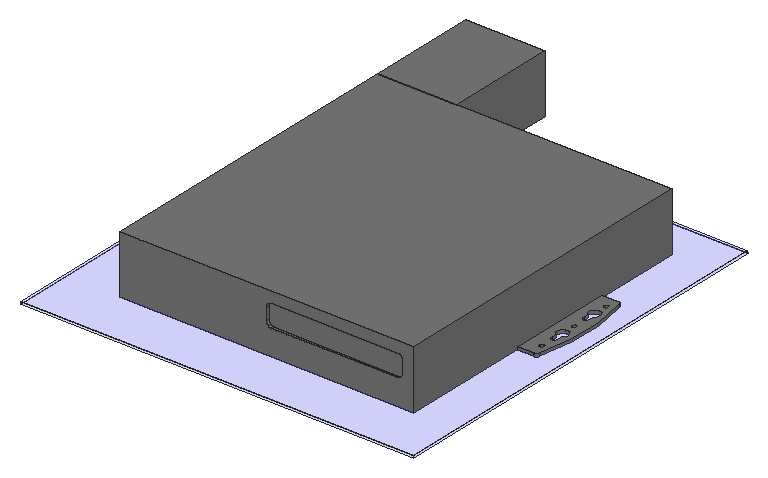
Revit family "QSC SPA2-60 Amplifier Surface Mount", category Generic Models, host Face, Revit 2014
Parameters (values of type "SPA2-60 @ 230VAC")
  Width = 8.663"  # constant formula
  Weight Product (lb) = 3.5  # constant formula
  Weight Product (kg) = 1.1  # constant formula
  Weight Dimensional (lb) = 6  # constant formula
  Weight Dimensional (kg) = 2.3  # constant formula
  Voltage AC = "100-240 at 50-60 Hz"  # constant formula
  URL = "http://qsc.com/products/Power_Amplifiers/Spa_Series/SPA2-60/"
  Sustainability Rating = "Energy Star"  # constant formula
  Show Surface Mount [instance] = yes
  Show Plenum Kit [instance] = yes
  Regulatory Compliance = "UL, CE, RoHS/WEEE, FCC Class B"  # constant formula
  Product Page URL = "http://qsc.com/products/Power_Amplifiers/Spa_Series/SPA2-60/\r\n\r\n\r\n."
  Product Documentation Link = "http://qsc.com/files/8714/4192/0733/SPA_Series_Specsheet_English.pdf"
  Power Standby = 24  # constant formula
  Power Peak = 161
  Power Active = 138
  Model = "SPA2-60"
  Manufacturer URL = "http://www.qscaudio.com"
  Manufacturer = "QSC Audio Products, LLC"  # constant formula
  Height = 1.730"  # constant formula
  Heat Load Standby = 33  # constant formula
  Heat Load Active = 61  # constant formula
  Face Depth = 0.0788"
  Description = "2 Channel 60 Watt/Channel Amplfier"
  Depth = 9.48819"  # constant formula
  Default Elevation = 0.000"
  Current Draw = 0.7
  Enclosure Material [instance] = Dark Gray Finish
Types (4): name | Product Page URL | Power Peak | Power Active | Current Draw
  (no name) | "http://qsc.com/products/Power_Amplifiers/Spa_Series/SPA2-60/\r\n\r\n\r\n." | 161 | 138 | 0.7
  SPA2-60 @ 100VAC | "http://qsc.com/products/Power_Amplifiers/Spa_Series/SPA2-60/" | 150 | 90 | 1.5
  SPA2-60 @ 120VAC | "http://qsc.com/products/Power_Amplifiers/Spa_Series/SPA2-60/\r\n\r\n\r\n." | 180 | 84 | 1.5
  SPA2-60 @ 230VAC | "http://qsc.com/products/Power_Amplifiers/Spa_Series/SPA2-60/\r\n\r\n\r\n." | 161 | 138 | 0.7
Reference planes (in)
  plane 1 "Center (Front/Back)": y = 0
  plane 2: z = 0
  plane 3 "Center (Left/Right)": x = 0
  plane 4 "Left": x = -4.3315
  plane 5 "Right": x = 4.3315
  plane 6 "Top": y = 4.74409
  plane 7 "Bottom": y = -4.74409
  plane 8 "New Top": z = 1.73
  plane 9 "Face Plance": y = -4.66509
Forms (in)
  Extrusion 1, solid, material "Glass"
    sketch origin (0, 0, 0) x (1, 0, 0) y (0, 1, 0)
      loop
        line (-6, 6) -> (-6, -6.33038) -> (5.58047, -6.33038) -> (5.58047, 6) -> (-6, 6)
    from 0 to -0.079
  Extrusion 2, solid, material "Dark Gray Finish" <- "Enclosure Material", visible <- "Show Surface Mount"
    sketch origin (0, 0, 0) x (1, 0, 0) y (0, 1, 0)
      loop
        arc (-4.80961, 2.14181) -> (-4.88935, 2.11446) -> (-4.93552, 2.04393) r 0.12992
        arc (-4.93552, 2.04393) -> (-5.11701, 0.59457) -> (-4.93552, -0.85479) r 5.87795
        arc (-4.93552, -0.85479) -> (-4.88935, -0.92532) -> (-4.80961, -0.95267) r 0.12992
        line (-4.80961, -0.95267) -> (-3.88496, -0.95267)
        arc (-3.88496, -0.95267) -> (-3.80522, -0.92532) -> (-3.75905, -0.85479) r 0.12992
        arc (-3.75905, -0.85479) -> (-3.57756, 0.59457) -> (-3.75905, 2.04393) r 5.87795
        arc (-3.75905, 2.04393) -> (-3.80522, 2.11446) -> (-3.88496, 2.14181) r 0.12992
        line (-3.88496, 2.14181) -> (-4.80961, 2.14181)
      loop
        arc (-4.68587, 1.20811) -> (-4.77052, 1.51977) -> (-4.85516, 1.20811) r 0.16732
        line (-4.85516, 1.20811) -> (-4.85516, 1.04733)
        arc (-4.85516, 1.04733) -> (-4.77052, 0.96268) -> (-4.68587, 1.04733) r 0.08465
        line (-4.68587, 1.04733) -> (-4.68587, 1.20811)
      loop
        arc (-3.83941, 1.20811) -> (-3.92406, 1.51977) -> (-4.0087, 1.20811) r 0.16732
        line (-4.0087, 1.20811) -> (-4.0087, 1.04733)
        arc (-4.0087, 1.04733) -> (-3.92406, 0.96268) -> (-3.83941, 1.04733) r 0.08465
        line (-3.83941, 1.04733) -> (-3.83941, 1.20811)
      loop
        arc (-3.83548, 0.03333) -> (-3.92406, 0.3426) -> (-4.01264, 0.03333) r 0.16732
        line (-4.01264, 0.03333) -> (-4.01264, -0.12984)
        arc (-4.01264, -0.12984) -> (-3.92406, -0.21842) -> (-3.83548, -0.12984) r 0.08858
        line (-3.83548, -0.12984) -> (-3.83548, 0.03333)
      loop
        arc (-4.68193, 0.03333) -> (-4.77052, 0.3426) -> (-4.8591, 0.03333) r 0.16732
        line (-4.8591, 0.03333) -> (-4.8591, -0.12984)
        arc (-4.8591, -0.12984) -> (-4.77052, -0.21842) -> (-4.68193, -0.12984) r 0.08858
        line (-4.68193, -0.12984) -> (-4.68193, 0.03333)
      loop
        circle (-4.77445, 0.59457) r 0.06496
      loop
        circle (-4.77445, -0.58653) r 0.06496
      loop
        circle (-4.77445, 1.77567) r 0.06496
      loop
        circle (-3.92012, 1.77567) r 0.06496
      loop
        circle (-3.92012, 0.59457) r 0.06496
      loop
        circle (-3.92012, -0.58653) r 0.06496
      loop
        line (4.80961, 2.14181) -> (3.88496, 2.14181)
        arc (3.88496, 2.14181) -> (3.80522, 2.11446) -> (3.75905, 2.04393) r 0.12992
        arc (3.75905, 2.04393) -> (3.57756, 0.59457) -> (3.75905, -0.85479) r 5.87795
        arc (3.75905, -0.85479) -> (3.80522, -0.92532) -> (3.88496, -0.95267) r 0.12992
        line (3.88496, -0.95267) -> (4.80961, -0.95267)
        arc (4.80961, -0.95267) -> (4.88935, -0.92532) -> (4.93552, -0.85479) r 0.12992
        arc (4.93552, -0.85479) -> (5.11701, 0.59457) -> (4.93552, 2.04393) r 5.87795
        arc (4.93552, 2.04393) -> (4.88935, 2.11446) -> (4.80961, 2.14181) r 0.12992
      loop
        line (4.68587, 1.20811) -> (4.68587, 1.04733)
        arc (4.68587, 1.04733) -> (4.77052, 0.96268) -> (4.85516, 1.04733) r 0.08465
        line (4.85516, 1.04733) -> (4.85516, 1.20811)
        arc (4.85516, 1.20811) -> (4.77052, 1.51977) -> (4.68587, 1.20811) r 0.16732
      loop
        line (3.83941, 1.20811) -> (3.83941, 1.04733)
        arc (3.83941, 1.04733) -> (3.92406, 0.96268) -> (4.0087, 1.04733) r 0.08465
        line (4.0087, 1.04733) -> (4.0087, 1.20811)
        arc (4.0087, 1.20811) -> (3.92406, 1.51977) -> (3.83941, 1.20811) r 0.16732
      loop
        line (3.83548, 0.03333) -> (3.83548, -0.12984)
        arc (3.83548, -0.12984) -> (3.92406, -0.21842) -> (4.01264, -0.12984) r 0.08858
        line (4.01264, -0.12984) -> (4.01264, 0.03333)
        arc (4.01264, 0.03333) -> (3.92406, 0.3426) -> (3.83548, 0.03333) r 0.16732
      loop
        line (4.68193, 0.03333) -> (4.68193, -0.12984)
        arc (4.68193, -0.12984) -> (4.77052, -0.21842) -> (4.8591, -0.12984) r 0.08858
        line (4.8591, -0.12984) -> (4.8591, 0.03333)
        arc (4.8591, 0.03333) -> (4.77052, 0.3426) -> (4.68193, 0.03333) r 0.16732
      loop
        circle (4.77445, 0.59457) r 0.06496
      loop
        circle (4.77445, -0.58653) r 0.06496
      loop
        circle (4.77445, 1.77567) r 0.06496
      loop
        circle (3.92012, 1.77567) r 0.06496
      loop
        circle (3.92012, 0.59457) r 0.06496
      loop
        circle (3.92012, -0.58653) r 0.06496
    from 0 to 0.079
  Extrusion 3, solid, material "Dark Gray Finish" <- "Enclosure Material", visible <- "Show Plenum Kit"
    sketch origin (0, 0, 0) x (1, 0, 0) y (0, 1, 0)
      loop
        line (-2.01448, 7.98296) -> (-4.3315, 7.98296) -> (-4.3315, 4.74429) -> (-2.01448, 4.74429) -> (-2.01448, 7.98296)
    from 0 to 1.73 <- "Height"
Dimensions and locks (in)
  equal spacing: plane 6 "Top", plane 1 "Center (Front/Back)", plane 7 "Bottom"
  "Depth": plane 6 "Top" to plane 7 "Bottom"
  equal spacing: plane 4 "Left", plane 3 "Center (Left/Right)", plane 5 "Right"
  "Width": plane 4 "Left" to plane 5 "Right"
  plane 4 "Left" to plane 5 "Right" = 8.663"
  "Height": plane 8 "New Top" to plane 2
  plane 9 "Face Plance" to plane 7 "Bottom" = 0.079"
  aligned and locked: plane 2 to Extrusion 1
  aligned and locked: level to Extrusion 1
Automatic sketch dimensions
  Extrusion 1 sketch curve to Extrusion 1 sketch curve = 11.58047"
  Extrusion 1 sketch curve to Extrusion 1 sketch curve = 12.33038"
  Extrusion 2 sketch curve to plane 1 "Center (Front/Back)" = 0.59457"  (x4)
  Extrusion 2 sketch curve to plane 4 "Left" = 5.12402"
  Extrusion 2 sketch curve to plane 1 "Center (Front/Back)" = 0.03333"  (x4)
  Extrusion 2 sketch curve to plane 4 "Left" = 0.5276"
  Extrusion 2 sketch curve to plane 4 "Left" = 0.52366"
  Extrusion 2 sketch curve to plane 4 "Left" = 0.47811"  (x2)
  Extrusion 2 sketch curve to Extrusion 2 sketch curve = 0.03516"  (x8)
  Extrusion 2 sketch curve to plane 4 "Left" = 0.44295"
  Extrusion 2 sketch curve to Extrusion 2 sketch curve = 0.08858"  (x8)
  Extrusion 2 sketch curve to Extrusion 2 sketch curve = 0.08465"  (x8)
  plane 1 "Center (Front/Back)" to Extrusion 2 sketch curve = 0.12984"  (x4)
  plane 4 "Left" to Extrusion 2 sketch curve = 0.31886"
  plane 4 "Left" to Extrusion 2 sketch curve = 0.3228"
  plane 4 "Left" to Extrusion 2 sketch curve = 0.41138"  (x3)
  Extrusion 2 sketch curve to plane 3 "Center (Left/Right)" = 0.76094"
  plane 3 "Center (Left/Right)" to Extrusion 2 sketch curve = 0.76094"
  Extrusion 2 sketch curve to plane 5 "Right" = 0.49602"
  Extrusion 2 sketch curve to plane 5 "Right" = 0.49209"
  Extrusion 2 sketch curve to plane 5 "Right" = 0.44654"  (x2)
  Extrusion 2 sketch curve to plane 5 "Right" = 0.41138"
  plane 5 "Right" to Extrusion 2 sketch curve = 0.35043"
  plane 5 "Right" to Extrusion 2 sketch curve = 0.35437"
  plane 5 "Right" to Extrusion 2 sketch curve = 0.44295"
  Extrusion 2 sketch curve to Extrusion 2 sketch curve = 0.00394"  (x2)
  Extrusion 2 sketch curve to Extrusion 2 sketch curve = 4.60035"
  plane 1 "Center (Front/Back)" to Extrusion 2 sketch curve = 0.58653"
  Extrusion 2 sketch curve to Extrusion 2 sketch curve = 0.45669"  (x3)
  Extrusion 2 sketch curve to Extrusion 2 sketch curve = 0.23622"  (x8)
  Extrusion 2 sketch curve to Extrusion 2 sketch curve = 0.12992"  (x4)
  Extrusion 2 sketch curve to Extrusion 2 sketch curve = 0.14195"  (x4)
  Extrusion 2 sketch curve to Extrusion 2 sketch curve = 0.41929"  (x4)
  Extrusion 2 sketch curve to Extrusion 2 sketch curve = 0.45276"  (x4)
  Extrusion 2 sketch curve to Extrusion 2 sketch curve = 0.16079"  (x4)
  Extrusion 2 sketch curve to Extrusion 2 sketch curve = 0.14433"  (x4)
  Extrusion 2 sketch curve to Extrusion 2 sketch curve = 0.42323"  (x4)
  Extrusion 2 sketch curve to Extrusion 2 sketch curve = 0.000"  (x4)
  Extrusion 3 sketch curve to plane 4 "Left" = 0.000"
  plane 6 "Top" to Extrusion 3 sketch curve = 0.0002"
  Extrusion 3 sketch curve to plane 3 "Center (Left/Right)" = 2.01448"
  Extrusion 3 sketch curve to Extrusion 3 sketch curve = 3.23866"
  radius of Extrusion 2 sketch curve = 0.06496"  (x12)
Nested families (in)
  nested 1: "QSC SPA2-60 Amplifier Front Facing Rackmount" at (0, -4.66509, 0.865) x (1, 0, 0) z (0, -1, 0), type "SPA2-60 @ 100VAC"
    with Show Right Ear Short no, Show Right Ear Long no, Show Left Ear Short no, Show Left Ear Long no, Enclosure Material Dark Gray Finish
Connectors (in)
  cabletrayconduit at (-3.17299, 7.98296, 0.865), diameter 24
    settings: on Extrusion 3, index 1, connector width 12.000", connector height 12.000", connector angle 45.00°, system type 32, placement type 1, profile type 0, connector reference index -1, is primary connector yes, connector utility param no, connector description "1/2\" Conduit Knockout"
  cabletrayconduit at (-3.17299, 6.36363, 1.73), diameter 24
    settings: on Extrusion 3, index 2, connector width 12.000", connector height 12.000", connector angle 0.00°, system type 32, placement type 1, profile type 0, connector reference index -1, is primary connector no, connector utility param no, connector description "1/2\" Conduit Knockout"
  electrical at (3.82591, 4.54744, 1.35471)
    settings: on nested 1, index 3, voltage 0 V, apparent load 0 VA, apparent load phase1 0 VA, apparent load phase2 0 VA, apparent load phase3 0 VA, power factor 1, load classification "Other", number of poles 1, system type 14, power factor state 1, is connector primary yes, connector utility no, sub classification motor no, connector description "Ouput 1"
  electrical at (3.1763, 4.54744, 1.35471)
    settings: on nested 1, index 4, voltage 0 V, apparent load 0 VA, apparent load phase1 0 VA, apparent load phase2 0 VA, apparent load phase3 0 VA, power factor 1, load classification "Other", number of poles 1, system type 14, power factor state 1, is connector primary no, connector utility no, sub classification motor no, connector description "Output 2"
  electrical at (2.60516, 4.54744, 1.3835)
    settings: on nested 1, index 5, voltage 0 V, apparent load 0 VA, apparent load phase1 0 VA, apparent load phase2 0 VA, apparent load phase3 0 VA, power factor 1, load classification "Other", number of poles 1, system type 14, power factor state 1, is connector primary no, connector utility no, sub classification motor no, connector description "Ch 1&2 Standby Control"
  electrical at (2.21146, 4.54744, 1.3835)
    settings: on nested 1, index 6, voltage 0 V, apparent load 0 VA, apparent load phase1 0 VA, apparent load phase2 0 VA, apparent load phase3 0 VA, power factor 1, load classification "Other", number of poles 1, system type 14, power factor state 1, is connector primary no, connector utility no, sub classification motor no, connector description "Ch 1&2 Volume Control"
  electrical at (1.68134, 4.54744, 1.3835)
    settings: on nested 1, index 7, voltage 0 V, apparent load 0 VA, apparent load phase1 0 VA, apparent load phase2 0 VA, apparent load phase3 0 VA, power factor 1, load classification "Other", number of poles 1, system type 14, power factor state 1, is connector primary no, connector utility no, sub classification motor no, connector description "Input 1"
  electrical at (1.28764, 4.54744, 1.3835)
    settings: on nested 1, index 8, voltage 0 V, apparent load 0 VA, apparent load phase1 0 VA, apparent load phase2 0 VA, apparent load phase3 0 VA, power factor 1, load classification "Other", number of poles 1, system type 14, power factor state 1, is connector primary no, connector utility no, sub classification motor no, connector description "Input 2"
  electrical at (-3.20953, 4.54744, 0.86465)
    settings: on nested 1, index 9, voltage 0 V, apparent load 0 VA, apparent load phase1 0 VA, apparent load phase2 0 VA, apparent load phase3 0 VA, power factor 1, load classification "Other", number of poles 1, system type 31, power factor state 1, is connector primary no, connector utility no, sub classification motor no, connector description ""
Definition of nested family "QSC SPA2-60 Amplifier Front Facing Rackmount"
  Parameters (values of type "SPA2-60 @ 100VAC")
    Width = 8.663"  # constant formula
    Weight Product (lb) = 4  # constant formula
    Weight Product (kg) = 1.4  # constant formula
    Weight Dimensional (lb) = 6.5  # constant formula
    Weight Dimensional (kg) = 2.5  # constant formula
    Voltage AC = "100-240 at 50-60 Hz"  # constant formula
    URL = "http://qsc.com/products/Power_Amplifiers/Spa_Series/SPA4-60/"
    Sustainability Rating = "Energy Star"  # constant formula
    Show Right Ear Short [instance] = yes
    Show Right Ear Long [instance] = no
    Show Left Ear Short [instance] = yes
    Show Left Ear Long [instance] = no
    Regulatory Compliance = "UL, CE, RoHS/WEEE, FCC Class B"  # constant formula
    Product Page URL = "http://qsc.com/products/Power_Amplifiers/Spa_Series/SPA4-60/\r\n\r\n\r\n."
    Product Documentation Link = "http://qsc.com/files/8714/4192/0733/SPA_Series_Specsheet_English.pdf"
    Power Standby = 24  # constant formula
    Power Peak = 150
    Power Active = 90
    Model = "SPA4-60"
    Manufacturer URL = "http://www.qscaudio.com"
    Manufacturer = "QSC Audio Products, LLC"  # constant formula
    Height = 1.730"  # constant formula
    Heat Load Standby = 33  # constant formula
    Heat Load Active = 61  # constant formula
    Face Depth = 0.0788"
    Description = "4 Channel 60 Watt/Channel Amplfier"
    Depth = 9.48819"  # constant formula
    Default Elevation = 0.000"
    Current Draw = 1.5
    Enclosure Material [instance] = Dark Gray Finish
  Types (4): name | Power Peak | Power Active | Current Draw
    (no name) | 150 | 90 | 1.5
    SPA2-60 @ 100VAC | 150 | 90 | 1.5
    SPA2-60 @ 120VAC | 180 | 84 | 1.5
    SPA2-60 @ 230VAC | 161 | 138 | 0.7
  Reference planes (in)
    plane 1 "Center (Front/Back)": y = 0
    plane 2: z = 0
    plane 3 "Center (Left/Right)": x = 0
    plane 4 "Left": x = -4.3315
    plane 5 "Right": x = 4.3315
    plane 6 "Top": y = 0.865
    plane 7 "Bottom": y = -0.865
    plane 8 "Back": z = -9.40939
    plane 9 "Right Extend Ear": x = 13.8135
    plane 10 "Left Extend Ear": x = -13.8135
    plane 11 "Left Short Ear": x = -5.1529
    plane 12 "Right Short Ear": x = 5.1529
    plane 13 "Front": z = 0.0788
  Forms (in)
    Extrusion 1, solid, material "Glass"
      sketch origin (0, 0, 0) x (1, 0, 0) y (0, 1, 0)
        loop
          line (-14.5, 1.9685) -> (-14.5, -1.88975) -> (14.73031, -1.88975) -> (14.73031, 1.9685) -> (-14.5, 1.9685)
      from 0 to -0.079
    Extrusion 2, solid, material "Dark Gray Finish" <- "Enclosure Material"
      sketch origin (0, -0.865, 0) x (-1, 0, 0) y (0, 0, 1)
        loop
          line (4.3315, 0.0788) -> (-4.3315, 0.0788) -> (-4.3315, -9.40939) -> (4.3315, -9.40939) -> (4.3315, 0.0788)
      from 0 to 1.73 <- "Height"
    Extrusion 3, void
      sketch origin (0, 0, -9.40939) x (-1, 0, 0) y (0, -1, 0)
        loop
          line (-4.13103, -0.64625) -> (-3.52079, -0.64625) -> (-3.52079, -0.33317) -> (-4.13103, -0.33317) -> (-4.13103, -0.64625)
        loop
          line (-2.87118, -0.33317) -> (-3.48142, -0.33317) -> (-3.48142, -0.64625) -> (-2.87118, -0.64625) -> (-2.87118, -0.33317)
        loop
          line (-2.73547, -0.40133) -> (-2.73547, -0.63567) -> (-2.47484, -0.63567) -> (-2.47484, -0.40133) -> (-2.73547, -0.40133)
        loop
          line (-1.98744, -0.63567) -> (-1.98744, -0.40133) -> (-2.43547, -0.40133) -> (-2.43547, -0.63567) -> (-1.98744, -0.63567)
        loop
          line (-1.8585, -0.40133) -> (-1.8585, -0.63567) -> (-1.50417, -0.63567) -> (-1.50417, -0.40133) -> (-1.8585, -0.40133)
        loop
          line (-1.11047, -0.63567) -> (-1.11047, -0.40133) -> (-1.4648, -0.40133) -> (-1.4648, -0.63567) -> (-1.11047, -0.63567)
        loop
          line (2.83544, -0.39444) -> (3.58439, -0.39444)
          arc (3.58439, -0.39444) -> (3.66726, -0.36012) -> (3.70158, -0.27725) r 0.11719
          line (3.70158, -0.27725) -> (3.70158, 0.04564)
          arc (3.70158, 0.04564) -> (3.69563, 0.07554) -> (3.6787, 0.10088) r 0.07813
          line (3.6787, 0.10088) -> (3.52761, 0.25197)
          arc (3.52761, 0.25197) -> (3.50227, 0.26891) -> (3.47237, 0.27485) r 0.07813
          line (3.47237, 0.27485) -> (2.94654, 0.27485)
          arc (2.94654, 0.27485) -> (2.91664, 0.26891) -> (2.89129, 0.25197) r 0.07813
          line (2.89129, 0.25197) -> (2.74021, 0.10088)
          arc (2.74021, 0.10088) -> (2.72327, 0.07554) -> (2.71733, 0.04564) r 0.07813
          line (2.71733, 0.04564) -> (2.71733, -0.27633)
          arc (2.71733, -0.27633) -> (2.75192, -0.35985) -> (2.83544, -0.39444) r 0.11811
      from 0 to 0.19685
    Extrusion 4, void
      sketch origin (-16.617, -180, 0.0788) x (0, -1, 0) y (-1, 0, 0)
        loop
          line (-180.55192, -16.7645) -> (-180.55192, -20.46917)
          arc (-180.55192, -20.46917) -> (-180.50615, -20.57966) -> (-180.39567, -20.62542) r 0.15625
          line (-180.39567, -20.62542) -> (-180.03888, -20.62542)
          arc (-180.03888, -20.62542) -> (-179.92839, -20.57966) -> (-179.88263, -20.46917) r 0.15625
          line (-179.88263, -20.46917) -> (-179.88263, -16.7645)
          arc (-179.88263, -16.7645) -> (-179.92839, -16.65402) -> (-180.03888, -16.60825) r 0.15625
          line (-180.03888, -16.60825) -> (-180.39567, -16.60825)
          arc (-180.39567, -16.60825) -> (-180.50615, -16.65402) -> (-180.55192, -16.7645) r 0.15625
      from 0 to 0.079
    Extrusion 5, solid, material "Dark Gray Finish" <- "Enclosure Material", visible <- "Show Left Ear Short"
      sketch origin (0, 0, 0) x (1, 0, 0) y (0, 1, 0)
        loop
          arc (-5.02784, 0.865) -> (-5.11623, 0.82839) -> (-5.1529, 0.74) r 0.125
          line (-5.1529, 0.74) -> (-5.15284, -0.74)
          arc (-5.15284, -0.74) -> (-5.11623, -0.82839) -> (-5.02784, -0.865) r 0.125
          line (-5.02784, -0.865) -> (-4.3315, -0.865) -> (-4.3315, 0.865) -> (-5.02784, 0.865)
        loop
          line (-4.7552, 0.76559) -> (-4.893, 0.76559)
          arc (-4.893, 0.76559) -> (-5.0266, 0.64002) -> (-4.90953, 0.4989) r 0.13386
          arc (-4.90953, 0.4989) -> (-4.8241, 0.41343) -> (-4.73867, 0.4989) r 0.08543
          arc (-4.73867, 0.4989) -> (-4.6216, 0.64002) -> (-4.7552, 0.76559) r 0.13386
        loop
          arc (-4.7552, -0.75213) -> (-4.6216, -0.62655) -> (-4.73867, -0.48543) r 0.13386
          arc (-4.73867, -0.48543) -> (-4.8241, -0.39996) -> (-4.90953, -0.48543) r 0.08543
          arc (-4.90953, -0.48543) -> (-5.0266, -0.62655) -> (-4.893, -0.75213) r 0.13386
          line (-4.893, -0.75213) -> (-4.7552, -0.75213)
      from 0 to 0.0788 <- "Face Depth"
    Extrusion 6, solid, material "Dark Gray Finish" <- "Enclosure Material", visible <- "Show Right Ear Short"
      sketch origin (0, 0, 0) x (-1, 0, 0) y (0, -1, 0)
        loop
          line (-5.02784, -0.865) -> (-4.3315, -0.865) -> (-4.3315, 0.865) -> (-5.02784, 0.865)
          arc (-5.02784, 0.865) -> (-5.11623, 0.82839) -> (-5.15284, 0.74) r 0.125
          line (-5.15284, 0.74) -> (-5.1529, -0.74)
          arc (-5.1529, -0.74) -> (-5.11623, -0.82839) -> (-5.02784, -0.865) r 0.125
        loop
          arc (-4.7552, -0.76559) -> (-4.6216, -0.64002) -> (-4.73867, -0.4989) r 0.13386
          arc (-4.73867, -0.4989) -> (-4.8241, -0.41343) -> (-4.90953, -0.4989) r 0.08543
          arc (-4.90953, -0.4989) -> (-5.0266, -0.64002) -> (-4.893, -0.76559) r 0.13386
          line (-4.893, -0.76559) -> (-4.7552, -0.76559)
        loop
          line (-4.7552, 0.75213) -> (-4.893, 0.75213)
          arc (-4.893, 0.75213) -> (-5.0266, 0.62655) -> (-4.90953, 0.48543) r 0.13386
          arc (-4.90953, 0.48543) -> (-4.8241, 0.39996) -> (-4.73867, 0.48543) r 0.08543
          arc (-4.73867, 0.48543) -> (-4.6216, 0.62655) -> (-4.7552, 0.75213) r 0.13386
      from 0 to 0.0788 <- "Face Depth"
    Extrusion 7, solid, material "Dark Gray Finish" <- "Enclosure Material", visible <- "Show Right Ear Long"
      sketch origin (0, 0, 0) x (-1, 0, 0) y (0, -1, 0)
        loop
          arc (-13.55582, -0.49787) -> (-13.68968, -0.63173) -> (-13.55582, -0.76559) r 0.13386
          line (-13.55582, -0.76559) -> (-13.41803, -0.76559)
          arc (-13.41803, -0.76559) -> (-13.28417, -0.63173) -> (-13.41803, -0.49787) r 0.13386
          line (-13.41803, -0.49787) -> (-13.55582, -0.49787)
        loop
          arc (-13.55582, 0.75213) -> (-13.68968, 0.61827) -> (-13.55582, 0.48441) r 0.13386
          line (-13.55582, 0.48441) -> (-13.41803, 0.48441)
          arc (-13.41803, 0.48441) -> (-13.28417, 0.61827) -> (-13.41803, 0.75213) r 0.13386
          line (-13.41803, 0.75213) -> (-13.55582, 0.75213)
        loop
          line (-13.8135, 0.74) -> (-13.8135, -0.74)
          arc (-13.8135, -0.74) -> (-13.77689, -0.82839) -> (-13.6885, -0.865) r 0.125
          line (-13.6885, -0.865) -> (-4.3315, -0.865) -> (-4.3315, 0.865) -> (-13.6885, 0.865)
          arc (-13.6885, 0.865) -> (-13.77689, 0.82839) -> (-13.8135, 0.74) r 0.125
      from 0 to 0.0788 <- "Face Depth"
    Extrusion 8, solid, material "Dark Gray Finish" <- "Enclosure Material", visible <- "Show Left Ear Long"
      sketch origin (0, 0, 0) x (1, 0, 0) y (0, 1, 0)
        loop
          line (-13.55582, 0.49787) -> (-13.41803, 0.49787)
          arc (-13.41803, 0.49787) -> (-13.28417, 0.63173) -> (-13.41803, 0.76559) r 0.13386
          line (-13.41803, 0.76559) -> (-13.55582, 0.76559)
          arc (-13.55582, 0.76559) -> (-13.68968, 0.63173) -> (-13.55582, 0.49787) r 0.13386
        loop
          line (-13.55582, -0.75213) -> (-13.41803, -0.75213)
          arc (-13.41803, -0.75213) -> (-13.28417, -0.61827) -> (-13.41803, -0.48441) r 0.13386
          line (-13.41803, -0.48441) -> (-13.55582, -0.48441)
          arc (-13.55582, -0.48441) -> (-13.68968, -0.61827) -> (-13.55582, -0.75213) r 0.13386
        loop
          arc (-13.8135, -0.74) -> (-13.77689, -0.82839) -> (-13.6885, -0.865) r 0.125
          line (-13.6885, -0.865) -> (-4.3315, -0.865) -> (-4.3315, 0.865) -> (-13.6885, 0.865)
          arc (-13.6885, 0.865) -> (-13.77689, 0.82839) -> (-13.8135, 0.74) r 0.125
          line (-13.8135, 0.74) -> (-13.8135, -0.74)
      from 0 to 0.0788 <- "Face Depth"
  Cuts and joins
    Extrusion 3, Extrusion 4 cuts Extrusion 2
  Lines and regions (in)
    model lines, style "GenericModel", not visible, detail levels fine
      curve 1: line (13.55599, -1.01274, 0.03125) -> (13.46873, -0.89778, 0.03125)
      curve 2: line (13.46873, -0.89778, 0.03125) -> (13.55599, -1.01274, 0.03125)
      curve 3: line (13.15237, -0.99839, 0.03125) -> (13.18534, -0.8798, 0.03125)
      curve 4: line (13.18534, -0.8798, 0.03125) -> (13.15237, -0.99839, 0.03125)
      curve 5: line (13.20744, -1.07691, 0.03125) -> (13.18283, -0.85745, 0.03125)
      curve 6: line (13.18283, -0.85745, 0.03125) -> (13.20744, -1.07691, 0.03125)
      curve 7: line (13.67283, -0.92336, 0.03125) -> (13.75064, -0.98053, 0.03125)
      curve 8: line (13.75064, -0.98053, 0.03125) -> (13.67283, -0.92336, 0.03125)
      curve 25: line (-3.35339, 0.42119, 0) -> (-3.44988, 0.54832, 0)
      curve 26: line (-3.44988, 0.54832, 0) -> (-3.35339, 0.42119, 0)
      curve 27: line (-3.7997, 0.43707, 0) -> (-3.76325, 0.5682, 0)
      curve 28: line (-3.76325, 0.5682, 0) -> (-3.7997, 0.43707, 0)
      curve 29: line (-3.73881, 0.35024, 0) -> (-3.76602, 0.59291, 0)
      curve 30: line (-3.76602, 0.59291, 0) -> (-3.73881, 0.35024, 0)
      curve 31: line (-3.22419, 0.52002, 0) -> (-3.13815, 0.45681, 0)
      curve 32: line (-3.13815, 0.45681, 0) -> (-3.22419, 0.52002, 0)
      curve 45: line (-3.35339, 0.42119, 0.0788) -> (-3.44988, 0.54832, 0.0788)
      curve 46: line (-3.44988, 0.54832, 0.0788) -> (-3.35339, 0.42119, 0.0788)
      curve 47: line (-3.7997, 0.43707, 0.0788) -> (-3.76325, 0.5682, 0.0788)
      curve 48: line (-3.76325, 0.5682, 0.0788) -> (-3.7997, 0.43707, 0.0788)
      curve 49: line (-3.73881, 0.35024, 0.0788) -> (-3.76602, 0.59291, 0.0788)
      curve 50: line (-3.76602, 0.59291, 0.0788) -> (-3.73881, 0.35024, 0.0788)
      curve 51: line (-3.22419, 0.52002, 0.0788) -> (-3.13815, 0.45681, 0.0788)
      curve 52: line (-3.13815, 0.45681, 0.0788) -> (-3.22419, 0.52002, 0.0788)
    model lines, not visible
      curve 9: arc (-4.09496, -0.0625, 1.79211) -> (-3.79966, 0.2328, 1.79211) -> (-3.50436, -0.0625, 1.79211) r 0.2953
      curve 10: arc (-3.50436, -0.0625, 1.79211) -> (-3.79966, -0.3578, 1.79211) -> (-4.09496, -0.0625, 1.79211) r 0.2953
      curve 11: arc (2.90932, 0.1875, 1.79211) -> (3.51952, 0.7977, 1.79211) -> (4.12972, 0.1875, 1.79211) r 0.6102
      curve 12: arc (4.12972, 0.1875, 1.79211) -> (3.51952, -0.4227, 1.79211) -> (2.90932, 0.1875, 1.79211) r 0.6102
      curve 13: line (2.1373, 0.9632, 1.79211) -> (2.1373, -0.8138, 1.79211)
      curve 14: line (2.1373, -0.8138, 1.79211) -> (-0.6525, -0.8138, 1.79211)
      curve 15: line (-0.6525, -0.8138, 1.79211) -> (-0.6525, 0.9632, 1.79211)
      curve 16: line (-0.6525, 0.9632, 1.79211) -> (2.1373, 0.9632, 1.79211)
      curve 37: line (-0.04, 0.55192, 0) -> (3.97575, 0.55192, 0)
      curve 38: line (-0.04, -0.11737, 0) -> (-0.04, 0.55192, 0)
      curve 39: line (3.97575, -0.11737, 0) -> (-0.04, -0.11737, 0)
      curve 40: line (3.97575, 0.55192, 0) -> (3.97575, -0.11737, 0)
    model lines, style "GenericModel", detail levels fine
      curve 17: line (-3.29089, 0.35869, 0.0788) -> (-3.38738, 0.48582, 0.0788)
      curve 18: line (-3.38738, 0.48582, 0.0788) -> (-3.29089, 0.35869, 0.0788)
      curve 19: line (-3.7372, 0.37457, 0.0788) -> (-3.70075, 0.5057, 0.0788)
      curve 20: line (-3.70075, 0.5057, 0.0788) -> (-3.7372, 0.37457, 0.0788)
      curve 21: line (-3.67631, 0.28774, 0.0788) -> (-3.70352, 0.53041, 0.0788)
      curve 22: line (-3.70352, 0.53041, 0.0788) -> (-3.67631, 0.28774, 0.0788)
      curve 23: line (-3.16169, 0.45752, 0.0788) -> (-3.07565, 0.39431, 0.0788)
      curve 24: line (-3.07565, 0.39431, 0.0788) -> (-3.16169, 0.45752, 0.0788)
    model lines
      curve 33: line (0.1475, 0.55192, 0) -> (3.85217, 0.55192, 0)
      curve 34: line (-0.00875, 0.03888, 0) -> (-0.00875, 0.39567, 0)
      curve 35: line (3.85217, -0.11737, 0) -> (0.1475, -0.11737, 0)
      curve 36: line (4.00842, 0.39567, 0) -> (4.00842, 0.03888, 0)
      curve 41: arc (-0.00875, 0.39567, 0) -> (0.03701, 0.50615, 0) -> (0.1475, 0.55192, 0) r 0.15625
      curve 42: arc (-0.00875, 0.03888, 0) -> (0.03701, -0.07161, 0) -> (0.1475, -0.11737, 0) r 0.15625
      curve 43: arc (3.85217, -0.11737, 0) -> (3.96265, -0.07161, 0) -> (4.00842, 0.03888, 0) r 0.15625
      curve 44: arc (4.00842, 0.39567, 0) -> (3.96265, 0.50615, 0) -> (3.85217, 0.55192, 0) r 0.15625
  Dimensions and locks (in)
    equal spacing: plane 6 "Top", plane 1 "Center (Front/Back)", plane 7 "Bottom"
    "Height": plane 6 "Top" to plane 7 "Bottom"
    equal spacing: plane 4 "Left", plane 3 "Center (Left/Right)", plane 5 "Right"
    "Width": plane 4 "Left" to plane 5 "Right"
    plane 4 "Left" to plane 5 "Right" = 8.663"
    plane 5 "Right" to plane 9 "Right Extend Ear" = 9.482"
    plane 10 "Left Extend Ear" to plane 4 "Left" = 9.482"
    plane 11 "Left Short Ear" to plane 4 "Left" = 0.8214"
    plane 5 "Right" to plane 12 "Right Short Ear" = 0.8214"
    "Face Depth": plane 13 "Front" to plane 2
    "Depth": plane 13 "Front" to plane 8 "Back"
    aligned and locked: plane 2 to Extrusion 1
    aligned and locked: level to Extrusion 1
    aligned and locked: plane 4 "Left" to Extrusion 2 sketch curve
    aligned and locked: plane 8 "Back" to Extrusion 2 sketch curve
    aligned and locked: Extrusion 2 sketch curve to plane 5 "Right"
    aligned and locked: Extrusion 2 sketch curve to plane 13 "Front"
    aligned and locked: Extrusion 5 sketch curve to plane 6 "Top"
    aligned and locked: plane 11 "Left Short Ear" to Extrusion 5 sketch curve
    aligned and locked: cut or joined group of Extrusion 2, Extrusion 3, Extrusion 4 to Extrusion 5 sketch curve
    aligned and locked: Extrusion 5 sketch curve to cut or joined group of Extrusion 2, Extrusion 3, Extrusion 4
    aligned and locked: cut or joined group of Extrusion 2, Extrusion 3, Extrusion 4 to Extrusion 7 sketch curve
    aligned and locked: plane 9 "Right Extend Ear" to Extrusion 7 sketch curve
    aligned and locked: Extrusion 7 sketch curve to plane 7 "Bottom"
    aligned and locked: Extrusion 7 sketch curve to plane 6 "Top"
  Automatic sketch dimensions
    curve 34 to curve 34 = 0.35679"
    curve 35 to curve 35 = 3.70467"
    curve 36 to curve 36 = 0.35679"  (x2)
    curve 34 to curve 35 = 3.86408"
    curve 35 to curve 33 = 0.66929"
    curve 23 to curve 24 = 0.000"  (x4)
    curve 24 to curve 23 = 0.10677"
    curve 18 to curve 23 = 0.16267"
    curve 17 to curve 18 = 0.000"  (x5)
    curve 17 to curve 18 = 0.15959"
    curve 18 to curve 17 = 0.000"  (x3)
    curve 21 to curve 17 = 0.35031"
    curve 22 to curve 21 = 0.000"  (x4)
    curve 20 to curve 21 = 0.21933"
    curve 19 to curve 20 = 0.000"  (x4)
    curve 22 to curve 19 = 0.02487"
    curve 21 to curve 22 = 0.000"  (x4)
    curve 19 to curve 21 = 0.10605"
    curve 20 to curve 19 = 0.000"  (x2)
    curve 22 to curve 18 = 0.3919"
    curve 21 to curve 20 = 0.10605"
    curve 17 to curve 23 = 0.21817"
    curve 24 to curve 23 = 0.000"  (x4)
    curve 23 to curve 24 = 0.10677"
    curve 18 to curve 17 = 0.15959"
    curve 20 to curve 20 = 0.13611"
    curve 24 to curve 33 = 3.227"
    curve 22 to curve 33 = 3.83293"
    curve 38 to curve 39 = 4.01575"
    curve 39 to curve 37 = 0.66929"
    curve 31 to curve 32 = 0.000"  (x3)
    curve 32 to curve 31 = 0.08604"
    curve 26 to curve 31 = 0.1292"
    curve 25 to curve 26 = 0.000"  (x2)
    curve 25 to curve 26 = 0.09649"
    curve 26 to curve 25 = 0.000"  (x2)
    curve 29 to curve 25 = 0.28894"
    curve 30 to curve 29 = 0.000"  (x2)
    curve 28 to curve 29 = 0.02444"
    curve 27 to curve 28 = 0.000"  (x2)
    curve 30 to curve 27 = 0.00277"
    curve 29 to curve 30 = 0.000"  (x2)
    curve 27 to curve 29 = 0.06089"
    curve 28 to curve 27 = 0.000"
    curve 30 to curve 26 = 0.07095"
    curve 29 to curve 28 = 0.08683"
    curve 25 to curve 31 = 0.03562"
    curve 32 to curve 31 = 0.000"
    curve 31 to curve 32 = 0.06321"
    curve 26 to curve 25 = 0.12712"
    curve 28 to curve 28 = 0.13113"
    curve 32 to curve 37 = 3.09814"
    curve 30 to curve 37 = 0.20168"
    curve 23 to curve 23 = 0.08604"
    curve 23 to curve 18 = 0.1292"
    curve 17 to curve 17 = 0.09649"
    curve 17 to curve 22 = 0.28894"
    curve 21 to curve 20 = 0.02444"
    curve 19 to curve 21 = 0.00277"
    curve 21 to curve 20 = 0.06089"
    curve 21 to curve 20 = 0.02471"
    curve 19 to curve 18 = 0.01989"
    curve 17 to curve 23 = 0.02829"
    curve 24 to curve 23 = 0.06321"
    curve 17 to curve 18 = 0.12712"
    curve 19 to curve 21 = 0.08683"
    curve 51 to curve 52 = 0.000"
    curve 51 to curve 51 = 0.08604"
    curve 52 to curve 51 = 0.000"  (x3)
    curve 51 to curve 46 = 0.1292"
    curve 45 to curve 46 = 0.000"  (x3)
    curve 45 to curve 45 = 0.09649"
    curve 46 to curve 45 = 0.000"
    curve 45 to curve 50 = 0.28894"
    curve 49 to curve 50 = 0.000"  (x2)
    curve 49 to curve 48 = 0.02444"
    curve 47 to curve 48 = 0.000"  (x2)
    curve 47 to curve 49 = 0.00277"
    curve 50 to curve 49 = 0.000"  (x2)
    curve 49 to curve 48 = 0.06089"
    curve 49 to curve 48 = 0.02471"
    curve 47 to curve 46 = 0.01989"
    curve 45 to curve 51 = 0.02829"
    curve 52 to curve 51 = 0.06321"
    curve 48 to curve 47 = 0.000"
    curve 45 to curve 46 = 0.12712"
    curve 47 to curve 49 = 0.08683"
    curve 34 to plane 3 "Center (Left/Right)" = 0.00875"
    plane 3 "Center (Left/Right)" to curve 35 = 0.1475"
    plane 3 "Center (Left/Right)" to curve 41 = 0.1475"
    curve 44 to plane 5 "Right" = 0.47933"
    plane 1 "Center (Front/Back)" to curve 35 = 0.11737"
    curve 35 to plane 5 "Right" = 0.47933"
    curve 44 to curve 36 = 0.15625"
    Extrusion 1 sketch curve to Extrusion 1 sketch curve = 29.23031"
    Extrusion 1 sketch curve to Extrusion 1 sketch curve = 3.85825"
    Extrusion 3 sketch curve to plane 5 "Right" = 0.20047"
    Extrusion 3 sketch curve to plane 6 "Top" = 0.21875"  (x2)
    Extrusion 3 sketch curve to Extrusion 3 sketch curve = 0.61024"  (x2)
    Extrusion 3 sketch curve to Extrusion 3 sketch curve = 0.03937"  (x3)
    Extrusion 3 sketch curve to Extrusion 3 sketch curve = 0.13571"
    Extrusion 3 sketch curve to Extrusion 3 sketch curve = 0.12894"
    Extrusion 3 sketch curve to Extrusion 3 sketch curve = 0.35433"  (x2)
    Extrusion 3 sketch curve to plane 1 "Center (Front/Back)" = 0.27633"
    plane 4 "Left" to Extrusion 3 sketch curve = 1.61417"
    plane 1 "Center (Front/Back)" to Extrusion 3 sketch curve = 0.10088"  (x2)
    Extrusion 3 sketch curve to Extrusion 3 sketch curve = 0.02288"
    plane 1 "Center (Front/Back)" to Extrusion 3 sketch curve = 0.04564"  (x2)
    Extrusion 3 sketch curve to Extrusion 3 sketch curve = 0.11811"
    plane 1 "Center (Front/Back)" to Extrusion 3 sketch curve = 0.25197"  (x2)
    Extrusion 3 sketch curve to Extrusion 3 sketch curve = 0.15109"  (x2)
    Extrusion 3 sketch curve to Extrusion 3 sketch curve = 0.05524"  (x4)
    Extrusion 3 sketch curve to Extrusion 3 sketch curve = 0.52583"
    Extrusion 3 sketch curve to Extrusion 3 sketch curve = 0.11202"
    Extrusion 3 sketch curve to plane 6 "Top" = 0.22933"  (x2)
    Extrusion 3 sketch curve to Extrusion 3 sketch curve = 0.000"  (x4)
    Extrusion 3 sketch curve to Extrusion 3 sketch curve = 0.23434"  (x3)
    Extrusion 3 sketch curve to Extrusion 3 sketch curve = 0.31308"
    Extrusion 4 sketch curve to plane 6 "Top" = 0.31308"
    Extrusion 4 sketch curve to Extrusion 4 sketch curve = 0.15625"  (x2)
    Extrusion 4 sketch curve to plane 1 "Center (Front/Back)" = 0.03888"  (x2)
    plane 1 "Center (Front/Back)" to Extrusion 4 sketch curve = 0.11737"
    Extrusion 4 sketch curve to plane 3 "Center (Left/Right)" = 0.00875"
    Extrusion 4 sketch curve to plane 5 "Right" = 0.47933"
    plane 11 "Left Short Ear" to Extrusion 5 sketch curve = 0.12506"  (x2)
    Extrusion 5 sketch curve to Extrusion 5 sketch curve = 0.13484"  (x2)
    Extrusion 5 sketch curve to Extrusion 5 sketch curve = 0.0689"  (x2)
    Extrusion 5 sketch curve to Extrusion 5 sketch curve = 0.1378"  (x2)
    plane 7 "Bottom" to Extrusion 5 sketch curve = 0.11287"
    plane 7 "Bottom" to Extrusion 5 sketch curve = 0.125"
    Extrusion 5 sketch curve to Extrusion 5 sketch curve = 0.13386"  (x2)
    Extrusion 5 sketch curve to Extrusion 5 sketch curve = 0.13287"  (x2)
    Extrusion 5 sketch curve to plane 6 "Top" = 0.36614"
    Extrusion 5 sketch curve to Extrusion 5 sketch curve = 0.000"  (x3)
    Extrusion 5 sketch curve to Extrusion 5 sketch curve = 0.125"
    Extrusion 5 sketch curve to plane 6 "Top" = 0.09941"
    Extrusion 5 sketch curve to Extrusion 5 sketch curve = 0.08543"  (x2)
    Extrusion 6 sketch curve to plane 12 "Right Short Ear" = 0.000"
    Extrusion 6 sketch curve to plane 7 "Bottom" = 0.000"
    Extrusion 6 sketch curve to plane 6 "Top" = 0.000"
    Extrusion 6 sketch curve to plane 5 "Right" = 0.000"
    plane 12 "Right Short Ear" to Extrusion 6 sketch curve = 0.12506"  (x2)
    Extrusion 6 sketch curve to Extrusion 6 sketch curve = 0.13484"  (x2)
    Extrusion 6 sketch curve to Extrusion 6 sketch curve = 0.0689"  (x2)
    Extrusion 6 sketch curve to Extrusion 6 sketch curve = 0.1378"  (x2)
    Extrusion 6 sketch curve to plane 7 "Bottom" = 0.11287"
    Extrusion 6 sketch curve to Extrusion 6 sketch curve = 0.125"
    Extrusion 6 sketch curve to Extrusion 6 sketch curve = 0.13386"  (x2)
    Extrusion 6 sketch curve to Extrusion 6 sketch curve = 0.13287"  (x2)
    plane 6 "Top" to Extrusion 6 sketch curve = 0.36614"
    Extrusion 6 sketch curve to Extrusion 6 sketch curve = 0.000"  (x3)
    plane 6 "Top" to Extrusion 6 sketch curve = 0.125"
    plane 6 "Top" to Extrusion 6 sketch curve = 0.09941"
    Extrusion 6 sketch curve to Extrusion 6 sketch curve = 0.08543"  (x2)
    plane 9 "Right Extend Ear" to Extrusion 7 sketch curve = 0.125"
    Extrusion 7 sketch curve to Extrusion 7 sketch curve = 0.125"
    Extrusion 7 sketch curve to Extrusion 7 sketch curve = 0.13268"  (x2)
    Extrusion 7 sketch curve to Extrusion 7 sketch curve = 0.1378"  (x2)
    Extrusion 7 sketch curve to plane 7 "Bottom" = 0.11287"
    Extrusion 7 sketch curve to Extrusion 7 sketch curve = 0.13386"  (x2)
    Extrusion 7 sketch curve to Extrusion 7 sketch curve = 0.24213"
    Extrusion 8 sketch curve to plane 10 "Left Extend Ear" = 0.000"
    Extrusion 8 sketch curve to plane 6 "Top" = 0.000"
    Extrusion 8 sketch curve to plane 7 "Bottom" = 0.000"
    Extrusion 8 sketch curve to plane 4 "Left" = 0.000"
    plane 10 "Left Extend Ear" to Extrusion 8 sketch curve = 0.125"
    Extrusion 8 sketch curve to Extrusion 8 sketch curve = 0.125"
    Extrusion 8 sketch curve to Extrusion 8 sketch curve = 0.13268"  (x2)
    Extrusion 8 sketch curve to Extrusion 8 sketch curve = 0.1378"  (x2)
    plane 7 "Bottom" to Extrusion 8 sketch curve = 0.11287"
    Extrusion 8 sketch curve to Extrusion 8 sketch curve = 0.13386"  (x2)
    Extrusion 8 sketch curve to Extrusion 8 sketch curve = 0.24213"
    Extrusion 3 sketch curve to Extrusion 3 sketch curve = 0.26063"
    Extrusion 3 sketch curve to Extrusion 3 sketch curve = 0.44803"
  Connectors (in)
    electrical at (-3.20953, -0.00035, -9.21254)
      settings: on cut or joined group of Extrusion 2, Extrusion 3, Extrusion 4, index 1, voltage 0 V, apparent load 0 VA, apparent load phase1 0 VA, apparent load phase2 0 VA, apparent load phase3 0 VA, power factor 1, load classification "Other", number of poles 1, system type 31, power factor state 1, is connector primary yes, connector utility no, sub classification motor no, connector description ""
    electrical at (1.28764, 0.5185, -9.21254)
      settings: on cut or joined group of Extrusion 2, Extrusion 3, Extrusion 4, index 2, voltage 0 V, apparent load 0 VA, apparent load phase1 0 VA, apparent load phase2 0 VA, apparent load phase3 0 VA, power factor 1, load classification "Other", number of poles 1, system type 14, power factor state 1, is connector primary no, connector utility no, sub classification motor no, connector description "Input 2"
    electrical at (1.68134, 0.5185, -9.21254)
      settings: on cut or joined group of Extrusion 2, Extrusion 3, Extrusion 4, index 3, voltage 0 V, apparent load 0 VA, apparent load phase1 0 VA, apparent load phase2 0 VA, apparent load phase3 0 VA, power factor 1, load classification "Other", number of poles 1, system type 14, power factor state 1, is connector primary no, connector utility no, sub classification motor no, connector description "Input 1"
    electrical at (2.21146, 0.5185, -9.21254)
      settings: on cut or joined group of Extrusion 2, Extrusion 3, Extrusion 4, index 4, voltage 0 V, apparent load 0 VA, apparent load phase1 0 VA, apparent load phase2 0 VA, apparent load phase3 0 VA, power factor 1, load classification "Other", number of poles 1, system type 14, power factor state 1, is connector primary no, connector utility no, sub classification motor no, connector description "Volume Control"
    electrical at (2.60516, 0.5185, -9.21254)
      settings: on cut or joined group of Extrusion 2, Extrusion 3, Extrusion 4, index 5, voltage 0 V, apparent load 0 VA, apparent load phase1 0 VA, apparent load phase2 0 VA, apparent load phase3 0 VA, power factor 1, load classification "Other", number of poles 1, system type 14, power factor state 1, is connector primary no, connector utility no, sub classification motor no, connector description "Ch 1&2 Standby Control"
    electrical at (3.1763, 0.48971, -9.21254)
      settings: on cut or joined group of Extrusion 2, Extrusion 3, Extrusion 4, index 6, voltage 0 V, apparent load 0 VA, apparent load phase1 0 VA, apparent load phase2 0 VA, apparent load phase3 0 VA, power factor 1, load classification "Other", number of poles 1, system type 14, power factor state 1, is connector primary no, connector utility no, sub classification motor no, connector description "Output 2"
    electrical at (3.82591, 0.48971, -9.21254)
      settings: on cut or joined group of Extrusion 2, Extrusion 3, Extrusion 4, index 7, voltage 0 V, apparent load 0 VA, apparent load phase1 0 VA, apparent load phase2 0 VA, apparent load phase3 0 VA, power factor 1, load classification "Other", number of poles 1, system type 14, power factor state 1, is connector primary no, connector utility no, sub classification motor no, connector description "Output 1"
